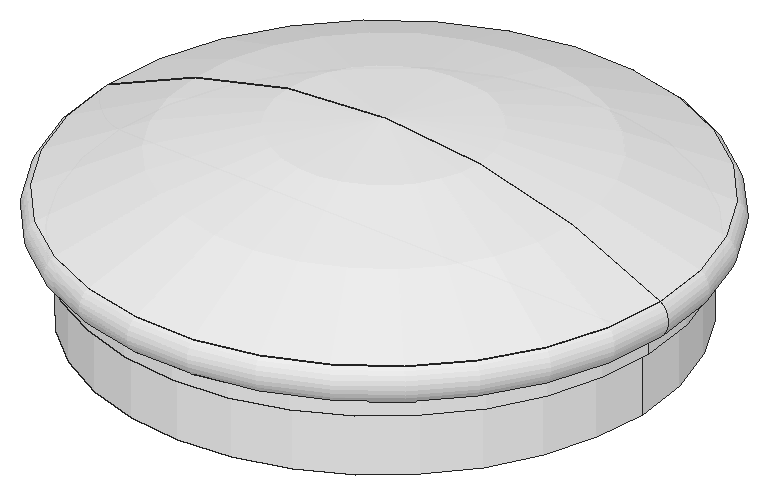
Revit family "3079108 Feilo Sylvania Lighting Fixture CLIO 430 LED 3000K", category Lighting Fixtures, host Face, Revit 2017
Family settings
  Host = Face
  Round Connector Dimension = Use Diameter
  Part Type = Normal
  OmniClass Number = 23.80.70.11.17
  OmniClass Title = Specialized Lighting by Location or Use
  Cut with Voids When Loaded = No
  Light Source = Yes
  Shared = No
  Room Calculation Point = No
Parameters (values of type "3079108 CLIO 430 LED 3000K")
  Weight = "1.69 kg"
  Wattage = 26 W
  WarrantyStartDate [instance] = "n/a"
  WarrantyGuarantorParts = "n/a"
  WarrantyDurationUnit = "n/a"
  WarrantyDurationParts = "n/a"
  WarrantyDescription = "n/a"
  built-in parameter 1150110 = 1 (stored number, unit not read)
  Voltage = 230 V
  URL = "http://www.sylvania-lighting.com"
  TypeName = "CLIO 430 LED 3000K"
  built-in parameter 1114217 = 1 (stored number, unit not read)
  Tilt Angle = -90.00°
  built-in parameter 1150109 = 1 (stored number, unit not read)
  built-in parameter 1150134 = (empty or 0)
  built-in parameter 1150113 = 1 (stored number, unit not read)
  SerialNumber [instance] = "n/a"
  Radius_FEILO = 215.00 mm
  PowerFactor = 0
  PowerConsumption = "26 W"
  Photometry Comments = ""
  Photometric Web File = "3079108.ies"
  NominalWidth = 0.00 mm
  NominalLength = 430.00 mm
  NominalHeight = 134.50 mm
  Name = "CLIO 430 LED 3000K"
  ModelReference = "CLIO 430 LED 3000K"
  ModelNumber = "3079108"
  Material_4_FEILO = none
  Material_3_FEILO = none
  Material_2_FEILO = Acrylic Glass_Sylvania_Clio LED_White
  Material_1_FEILO = Polycarbonate_Sylvania_Clio LED_White
  Material = "n/a"
  ManufacturerName = "Feilo Sylvania"
  LuminousEfficacy = "76.92 lm/W"
  LuminaireType = ""
  LightOutputRatio = "n/a"
  LampsType = Lamp  # "20W"
  LampNominalLuminous = "2000 lm"
  LampMacAdamStep = "n/a"
  LampColourTemperature = "3000 K"
  LampColourRenderingIndex = "80"
  Keynote = "16500"
  InstallationDate [instance] = "n/a"
  InputVoltage = "220-240V~"
  InputNominalFrequency = "50/60 Hz"
  IngressProtection = "IP44"
  ImpactProtectionIndex = "IK06"
  IfcExportType = "IfcLightFixtureType"
  IfcExportAs = "IfcLightFixtureType"
  Height_FEILO = 132.00 mm
  ExpectedLife = 50000
  ElectricShockClassification = "Class II"
  DurationUnit = "hours"
  DocumentationLiterature = "http://www.sylvania-lighting.com/product/en-int/products/3079108"
  DimmingControlOptions = "n/a"
  Diameter_FEILO = Radius_FEILO * 2  # 430.00 mm
  CreatedOn = "2/7/2018"
  CreatedBy = ""
  built-in parameter 1114216 [instance] = 1 (stored number, unit not read)
  Model = "CLIO 430 LED 3000K"
  Manufacturer = "Feilo Sylvania"
  built-in parameter 1150105 = 632.32 (stored number, unit not read)
  Lumens = 2000 lm
  built-in parameter 1150115 = 1 (stored number, unit not read)
  built-in parameter 1150137 = (empty or 0)
  built-in parameter 1150139 = (empty or 0)
  built-in parameter 1150112 = 1 (stored number, unit not read)
  built-in parameter 1150114 = 1 (stored number, unit not read)
  Lamp = "20W"  # constant formula
  built-in parameter 1150132 = 2
  built-in parameter 1150102 = (empty or 0)
  built-in parameter 1150107 = 3000 (stored number, unit not read)
  built-in parameter 1150138 = (empty or 0)
  built-in parameter 1150106 = 6.3232 (stored number, unit not read)
  built-in parameter 1150104 = 7.1464 (stored number, unit not read)
  Dimming Lamp Color Temperature Shift = <None>
  Description = "Large ambient bulkhead luminaire with indirect halo effect, loop in/loop out wiring, surface or rear cable entry, white polycarbonate housing with opal diffuser, 2076lm, 25W, 83lm/W, 3000K, 640mA, 80CRI, non-dimmable, IP44, IK06, 40,000 hours (L70), Ø430x132mm, 5 SDCM, 1.7kg, Class II, 220-240V, Energy class A++ (integrated LED)"
  Default Elevation = 0.00 mm
  Color Filter = 16777215
  built-in parameter 1140040 [instance] = 1
  BarCode [instance] = "n/a"
  built-in parameter 1114218 = 1 (stored number, unit not read)
  built-in parameter 1150133 = 10 (stored number, unit not read)
  AssetType = "Fixed"
  AssetIdentifier [instance] = "n/a"
  Assembly Code = "D5020200"
  Apparent Load Comments = ""
  Apparent Load = 26 VA
Reference planes
  plane 1 "Center (Front/Back)": y = 0
  plane 2: z = 0
  plane 3 "Center (Left/Right)": x = 0
  plane 4 "Fixture Bottom": z = 132
  plane 5 "Fixture Right": x = 215
  plane 6 "Fixture Left": x = -215
  plane 7: z = 42.75
  plane 8: z = 54
  plane 9: x = 195
  plane 10: x = 200
  plane 11: x = -195
  plane 12: x = -200
  plane 13: x = 209
  plane 14: x = -209
  plane 15: z = 81.25
Forms (mm)
  Revolve 1, solid, material "Polycarbonate_Sylvania_Clio LED_White" <- "Material_1_FEILO"
    sketch origin (0, 0, 0) x (1, 0, 0) y (0, 0, 1)
      loop
        line (0, 0) -> (195, 0) -> (195, 42.75) -> (200, 42.75) -> (200, 54) -> (0, 54) -> (0, 0)
      axis (0, 54) -> (0, 0)
    angle from 0 to 360
  Revolve 2, solid, material "Acrylic Glass_Sylvania_Clio LED_White" <- "Material_2_FEILO"
    sketch origin (0, 0, 0) x (1, 0, 0) y (0, 0, 1)
      loop
        arc (209, 81.25) -> (107.671, 119.683) -> (0, 132) r 437.011
        line (0, 132) -> (0, 54) -> (200, 54)
        arc (200, 54) -> (214.332, 64.378) -> (209, 81.25) r 15.119
      axis (0, 132) -> (0, 54)
    angle from 0 to 360
Dimensions and locks
  "Height_FEILO": plane 4 "Fixture Bottom" to plane 2
  equal spacing: plane 5 "Fixture Right", plane 3 "Center (Left/Right)", plane 6 "Fixture Left"
  "Diameter_FEILO": plane 5 "Fixture Right" to plane 6 "Fixture Left"
  locked: plane 5 "Fixture Right" to plane 10 at 15
  locked: plane 5 "Fixture Right" to plane 9 at 20
  locked: plane 5 "Fixture Right" to plane 13 at 6
  locked: plane 11 to plane 6 "Fixture Left" at 20
  locked: plane 12 to plane 6 "Fixture Left" at 15
  locked: plane 14 to plane 6 "Fixture Left" at 6
  locked: plane 4 "Fixture Bottom" to plane 15 at 50.75
  locked: plane 8 to plane 7 at 11.25
  locked: plane 15 to plane 8 at 27.25
  aligned and locked: host face to plane 2
  aligned and locked: level to host face
  aligned and locked: plane 3 "Center (Left/Right)" to Revolve 1 sketch curve
  aligned and locked: Revolve 1 sketch curve to plane 2
  aligned and locked: Revolve 1 sketch curve to plane 8
  aligned and locked: Revolve 1 sketch curve to plane 7
  aligned and locked: Revolve 1 sketch curve to plane 9
  aligned and locked: Revolve 1 sketch curve to plane 10
  aligned and locked: Revolve 2 sketch curve to plane 3 "Center (Left/Right)"
  aligned and locked: imposter light to plane 3 "Center (Left/Right)"
  aligned and locked: plane 4 "Fixture Bottom" to imposter light
  aligned and locked: plane 13 to Revolve 2 sketch curve
  aligned and locked: plane 15 to Revolve 2 sketch curve
  aligned and locked: Revolve 2 sketch curve to Revolve 1
  aligned and locked: imposter light to Revolve 2 sketch curve
Automatic sketch dimensions
  host sketch curve to host sketch curve = 1337.794 mm
  host sketch curve to host sketch curve = 1283.632 mm
  Revolve 1 sketch curve to plane 3 "Center (Left/Right)" = 0.00 mm
  Revolve 1 sketch curve to level = 55.00 mm
  Revolve 1 sketch curve to Revolve 1 sketch curve = 25.00 mm
  plane 10 to Revolve 2 sketch curve = 0.00 mm
  Revolve 2 sketch curve to plane 4 "Fixture Bottom" = 0.00 mm
  plane 3 "Center (Left/Right)" to Revolve 2 sketch curve = 4.551 mm
  plane 10 to Revolve 2 sketch curve = 0.025 mm
  Revolve 2 sketch curve to level = 45.00 mm
  Revolve 2 sketch curve to Revolve 2 sketch curve = 67.00 mm
Connectors
  electrical at (0, 0, 0), driven by "Apparent Load", driven by "Voltage", driven by "PowerFactor"
    settings: on Revolve 1, index 1, voltage 230 V, apparent load 0 VA, apparent load phase1 26 VA, apparent load phase2 0 VA, apparent load phase3 0 VA, power factor 0, load classification "Lighting", number of poles 1, system type 31, power factor state 1, is connector primary yes, connector utility no, sub classification motor no, connector description ""
